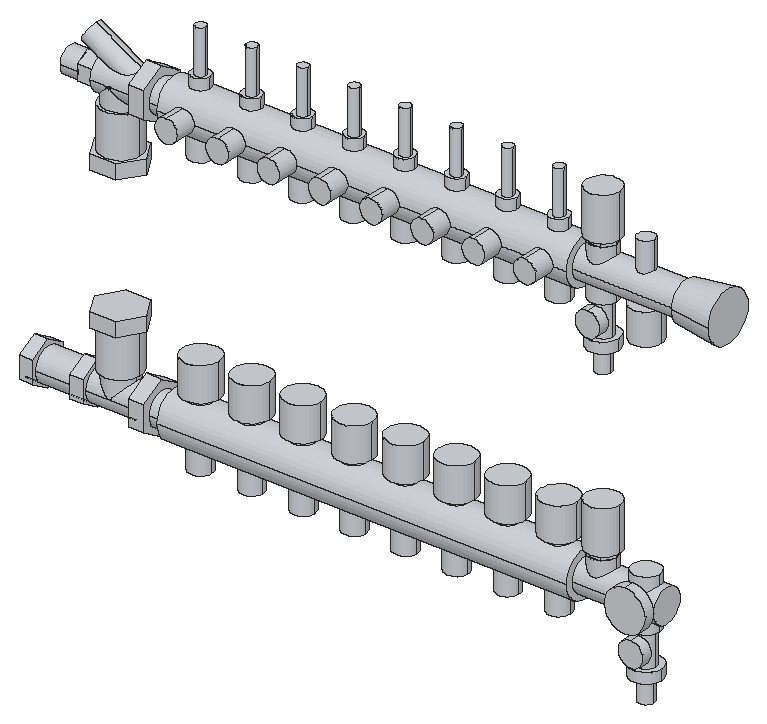
Revit family "318_1dab38ccfa9a4ba2b3cf6a35155c08", category Pipe Accessories, Revit 2017
Family settings
  Round Connector Dimension = Use Diameter
  Part Type = Valve - Normal
  Work Plane-Based = No
  Always vertical = Yes
  Cut with Voids When Loaded = No
  Shared = No
Parameters (values of type "R557FY008")
  magi_piping_qv_2_8 [instance] = 0.0 L/s
  magi_piping_qv_2_7 [instance] = 0.0 L/s
  magi_piping_qv_2_6 [instance] = 0.0 L/s
  magi_piping_qv_2_5 [instance] = 0.0 L/s
  magi_piping_qv_2_4 [instance] = 0.0 L/s
  magi_piping_qv_2_3 [instance] = 0.0 L/s
  magi_piping_qv_2_2 [instance] = 0.0 L/s
  magi_piping_qv_2_1 [instance] = 0.0 L/s
  magi_piping_qv_1_8 [instance] = 0.0 L/s
  magi_piping_qv_1_7 [instance] = 0.0 L/s
  magi_piping_qv_1_6 [instance] = 0.0 L/s
  magi_piping_qv_1_5 [instance] = 0.0 L/s
  magi_piping_qv_1_4 [instance] = 0.0 L/s
  magi_piping_qv_1_3 [instance] = 0.0 L/s
  magi_piping_qv_1_2 [instance] = 0.0 L/s
  magi_piping_qv_1_1 [instance] = 0.0 L/s
  magi_piping_qv [instance] = 0.0 L/s
  magi_piping_power_8 [instance] = 0 W
  magi_piping_power_7 [instance] = 0 W
  magi_piping_power_6 [instance] = 0 W
  magi_piping_power_5 [instance] = 0 W
  magi_piping_power_4 [instance] = 0 W
  magi_piping_power_3 [instance] = 0 W
  magi_piping_power_2 [instance] = 0 W
  magi_piping_power_1 [instance] = 0 W
  magi_piping_kv_8 [instance] = 0
  magi_piping_kv_7 [instance] = 0
  magi_piping_kv_6 [instance] = 0
  magi_piping_kv_5 [instance] = 0
  magi_piping_kv_4 [instance] = 0
  magi_piping_kv_3 [instance] = 0
  magi_piping_kv_2 [instance] = 0
  magi_piping_kv_1 [instance] = 0
  magi_piping_dpTot_8 [instance] = 0.0 Pa
  magi_piping_dpTot_7 [instance] = 0.0 Pa
  magi_piping_dpTot_6 [instance] = 0.0 Pa
  magi_piping_dpTot_5 [instance] = 0.0 Pa
  magi_piping_dpTot_4 [instance] = 0.0 Pa
  magi_piping_dpTot_3 [instance] = 0.0 Pa
  magi_piping_dpTot_2 [instance] = 0.0 Pa
  magi_piping_dpTot_1 [instance] = 0.0 Pa
  magi_adjustmentValue_8 [instance] = ""
  magi_adjustmentValue_7 [instance] = ""
  magi_adjustmentValue_6 [instance] = ""
  magi_adjustmentValue_5 [instance] = ""
  magi_adjustmentValue_4 [instance] = ""
  magi_adjustmentValue_3 [instance] = ""
  magi_adjustmentValue_2 [instance] = ""
  magi_adjustmentValue_1 [instance] = ""
  magiProductId = "1dab38ccfa9a4ba2b3cf6a35155c08"
  magiProductFamilyId = "1dab38ccfa9a4ba2b3cf6a35155c08"
  magiProductCode = "R557FY008"
  magiPartTypeId = 318
  X1 = 127 mm
  VersionID = "2.0/2016.10.37.0/GIACOMINI_R557FY_001"
  VL2__ve = -VL2  # -137 mm
  VL2 = 137 mm
  VL1 = 102 mm
  URL = "http://www.giacomini.com/en"
  SMP = 25 mm
  SBP9 = 18 mm
  SBP8 = 18 mm
  SBP7 = 18 mm
  SBP6 = 18 mm
  SBP5 = 18 mm
  SBP4 = 18 mm
  SBP3 = 18 mm
  SBP2 = 18 mm
  SBP12 = 18 mm
  SBP11 = 18 mm
  SBP10 = 18 mm
  SBP1 = 18 mm
  RMP = 25 mm
  RBP9 = 18 mm
  RBP8 = 18 mm
  RBP7 = 18 mm
  RBP6 = 18 mm
  RBP5 = 18 mm
  RBP4 = 18 mm
  RBP3 = 18 mm
  RBP2 = 18 mm
  RBP12 = 18 mm
  RBP11 = 18 mm
  RBP10 = 18 mm
  RBP1 = 18 mm
  R2 = 22 mm
  QmdConnectorList = "321;SMP;322;SBP1;323;SBP2;324;SBP3;325;SBP4;326;SBP5;327;SBP6;328;SBP7;329;SBP8;351;RMP;352;RBP1;353;RBP2;354;RBP3;355;RBP4;356;RBP5;357;RBP6;358;RBP7;359;RBP8"
  Productdata [instance] = "© Progman Oy, all rights reserved"
  N9 = no
  N8 = yes
  N7 = yes
  N6 = yes
  N5 = yes
  N4 = yes
  N3 = yes
  N12 = no
  N11 = no
  N10 = no
  Manufacturer = "Giacomini"
  MC_Default_elevation = 0 mm
  L = 400 mm
  I = 50 mm
  H5 = 33 mm
  H4 = 5 mm
  H3__ve = -H3  # -40 mm
  H3 = 40 mm
  H2__ve = -H2  # -20 mm
  H2 = 20 mm
  H12 = 42 mm
  H11 = 10 mm
  Flow supply main [instance] = Flow supply 1 + Flow supply 2 + Flow supply 3 + Flow supply 4 + Flow supply 5 + Flow supply 6 + Flow supply 7 + Flow supply 8  # 0.0 L/s
  Flow supply 8 [instance] = 0.0 L/s
  Flow supply 7 [instance] = 0.0 L/s
  Flow supply 6 [instance] = 0.0 L/s
  Flow supply 5 [instance] = 0.0 L/s
  Flow supply 4 [instance] = 0.0 L/s
  Flow supply 3 [instance] = 0.0 L/s
  Flow supply 2 [instance] = 0.0 L/s
  Flow supply 1 [instance] = 0.0 L/s
  Flow return main [instance] = Flow return 1 + Flow return 2 + Flow return 3 + Flow return 4 + Flow return 5 + Flow return 6 + Flow return 7 + Flow return 8  # 0.0 L/s
  Flow return 8 [instance] = 0.0 L/s
  Flow return 7 [instance] = 0.0 L/s
  Flow return 6 [instance] = 0.0 L/s
  Flow return 5 [instance] = 0.0 L/s
  Flow return 4 [instance] = 0.0 L/s
  Flow return 3 [instance] = 0.0 L/s
  Flow return 2 [instance] = 0.0 L/s
  Flow return 1 [instance] = 0.0 L/s
  E = 274 mm
  Description = "PREASSEMBLED MANIFOLD WITH FLOW METERS"
  D4 = 22 mm
  D32 = 10 mm
  D31 = 18 mm
  D2 = 44 mm
  CAT0 = yes
Reference planes
  plane 1 "Center (Front/Back)": y = 0
  plane 2 "XYPLANE": z = 0
  plane 3 "Center (Left/Right)": x = 0
  plane 4 "INIT_TEMP": y = 100
  plane 5 "386": y = -16
  plane 6 "385": z = -41
  plane 7 "384": z = -67
  plane 8 "383": z = -57
  plane 9 "382": y = -9
  plane 10 "381": z = -315
  plane 11 "380": z = -341
  plane 12 "379": z = -331
  plane 13 "378": z = -213
  plane 14 "377": z = -253
  plane 15 "376": z = -61
  plane 16 "375": z = -21
  plane 17 "374": x = 49
  plane 18 "373": x = 77
  plane 19 "372": x = 17
  plane 20 "371": x = 32
  plane 21 "370": x = -35
  plane 22 "369": x = 27
  plane 23 "368": x = 89
  plane 24 "367": x = -35
  plane 25 "366": x = 102
  plane 26 "365": z = -314
  plane 27 "364": z = -247
  plane 28 "363": z = -252
  plane 29 "362": z = -40
  plane 30 "361": x = 0
  plane 31 "360": y = 0
  plane 32 "359": z = -274
  plane 33 "358": z = 0
  plane 34 "357": z = 22
  plane 35 "356": x = 127
  plane 36 "355": x = 177
  plane 37 "354": y = -22
  plane 38 "353": x = 227
  plane 39 "352": z = 32
  plane 40 "351": x = 277
  plane 41 "350": x = 327
  plane 42 "349": x = 377
  plane 43 "348": x = 427
  plane 44 "347": x = 477
  plane 45 "346": x = 527
  plane 46 "345": x = 577
  plane 47 "344": x = 627
  plane 48 "343": x = 677
  plane 49 "342": x = 502
  plane 50 "341": x = 602
  plane 51 "340": x = 642
  plane 52 "339": x = 520
  plane 53 "338": z = -25
  plane 54 "337": z = 25
  plane 55 "336": z = 30
  plane 56 "335": z = -249
  plane 57 "334": z = -244
  plane 58 "333": z = -16
  plane 59 "332": x = 562
  plane 60 "331": z = -299
  plane 61 "1099": through (77, -750, 0) normal (0.866, 0, -0.5)
Forms (mm)
  Extrusion 1, solid
    sketch origin (750, -16, 0) x (-1, 0, 0) y (0, 0, 1)
      loop
        circle (188, -274) r 20
    from 0 to -10
  Extrusion 2, solid
    sketch origin (-750, 0, -67) x (1, 0, 0) y (0, 1, 0)
      loop
        circle (1270, 0) r 7.5
    from 0 to -22
  Extrusion 3, solid
    sketch origin (750, -9, 0) x (-1, 0, 0) y (0, 0, 1)
      loop
        circle (230, -41) r 12
    from 0 to -10
  Extrusion 4, solid
    sketch origin (750, -9, 0) x (-1, 0, 0) y (0, 0, 1)
      loop
        circle (188, -315) r 12
    from 0 to -10
  Extrusion 5, solid
    sketch origin (-750, 0, -341) x (1, 0, 0) y (0, 1, 0)
      loop
        circle (1312, 0) r 7.5
    from 0 to -22
  Extrusion 6, solid
    sketch origin (-750, 0, -57) x (1, 0, 0) y (0, 1, 0)
      loop
        circle (1270, 0) r 15
    from 0 to -10
  Extrusion 7, solid
    sketch origin (-750, 0, -331) x (1, 0, 0) y (0, 1, 0)
      loop
        circle (1312, 0) r 15
    from 0 to -10
  Extrusion 8, solid
    sketch origin (-750, 0, -299) x (1, 0, 0) y (0, 1, 0)
      loop
        circle (1312, 0) r 9
    from 0 to -32
  Extrusion 9, solid
    sketch origin (-750, 0, -253) x (1, 0, 0) y (0, 1, 0)
      loop
        circle (799, 0) r 19
    from 0 to 40
  Extrusion 10, solid
    sketch origin (-750, 0, -274) x (1, 0, 0) y (0, 1, 0)
      loop
        circle (799, 0) r 16
    from 0 to 21
  Extrusion 11, solid
    sketch origin (-750, 0, -213) x (1, 0, 0) y (0, 1, 0)
      loop
        line (824, 0) -> (811.5, 21.651) -> (786.5, 21.651) -> (774, 0) -> (786.5, -21.651) -> (811.5, -21.651) -> (824, 0)
    from 0 to 14
  Extrusion 12, solid
    sketch origin (-750, 0, -61) x (1, 0, 0) y (0, 1, 0)
      loop
        line (774, 0) -> (786.5, -21.651) -> (811.5, -21.651) -> (824, 0) -> (811.5, 21.651) -> (786.5, 21.651) -> (774, 0)
    from 0 to -14
  Extrusion 13, solid
    sketch origin (-750, 0, 0) x (1, 0, 0) y (0, 1, 0)
      loop
        circle (799, 0) r 16
    from 0 to -21
  Extrusion 14, solid
    sketch origin (-750, 0, -21) x (1, 0, 0) y (0, 1, 0)
      loop
        circle (799, 0) r 19
    from 0 to -40
  Extrusion 15, solid
    sketch origin (77, -750, 0) x (0, 1, 0) y (0.5, 0, 0.866025)
      loop
        circle (750, 0) r 10.5
    from 0 to -65
  Extrusion 16, solid, visible <- "CAT0"
    sketch origin (17, -750, 0) x (0, 1, 0) y (0, 0, 1)
      loop
        circle (750, 0) r 12.5
    from 0 to -17
  Extrusion 17, solid
    sketch origin (32, -750, 0) x (0, 1, 0) y (0, 0, 1)
      loop
        line (750, 15) -> (737.01, 7.5) -> (737.01, -7.5) -> (750, -15) -> (762.99, -7.5) -> (762.99, 7.5) -> (750, 15)
    from 0 to -15
  Extrusion 18, solid
    sketch origin (-35, -750, 0) x (0, 1, 0) y (0, 0, 1)
      loop
        line (750, -253) -> (731.813, -263.5) -> (731.813, -284.5) -> (750, -295) -> (768.187, -284.5) -> (768.187, -263.5) -> (750, -253)
    from 0 to 13
  Extrusion 19, solid
    sketch origin (27, -750, 0) x (0, 1, 0) y (0, 0, 1)
      loop
        line (750, -253) -> (731.813, -263.5) -> (731.813, -284.5) -> (750, -295) -> (768.187, -284.5) -> (768.187, -263.5) -> (750, -253)
    from 0 to -13
  Extrusion 20, solid
    sketch origin (102, -750, 0) x (0, 1, 0) y (0, 0, 1)
      loop
        circle (750, 0) r 16
    from 0 to -70
  Extrusion 21, solid
    sketch origin (89, -750, 0) x (0, 1, 0) y (0, 0, 1)
      loop
        line (750, 25) -> (728.349, 12.5) -> (728.349, -12.5) -> (750, -25) -> (771.651, -12.5) -> (771.651, 12.5) -> (750, 25)
    from 0 to -15
  Extrusion 22, solid
    sketch origin (89, -750, 0) x (0, 1, 0) y (0, 0, 1)
      loop
        line (750, -249) -> (728.349, -261.5) -> (728.349, -286.5) -> (750, -299) -> (771.651, -286.5) -> (771.651, -261.5) -> (750, -249)
    from 0 to -15
  Extrusion 23, solid
    sketch origin (102, -750, 0) x (0, 1, 0) y (0, 0, 1)
      loop
        circle (750, -274) r 16
    from 0 to -137 <- "VL2__ve"
  Extrusion 24, solid, visible <- "N10"
    sketch origin (-750, 0, -274) x (1, 0, 0) y (0, 1, 0)
      loop
        circle (1327, 0) r 11
    from 0 to -40 <- "H3__ve"
  Extrusion 25, solid, visible <- "N10"
    sketch origin (-750, 0, -252) x (1, 0, 0) y (0, 1, 0)
      loop
        circle (1327, 0) r 11
    from 0 to 5 <- "H4"
  Extrusion 26, solid, visible <- "N10"
    sketch origin (-750, 0, -247) x (1, 0, 0) y (0, 1, 0)
      loop
        circle (1327, 0) r 17.5
    from 0 to 33 <- "H5"
  Extrusion 27, solid, visible <- "N12"
    sketch origin (-750, 0, -247) x (1, 0, 0) y (0, 1, 0)
      loop
        circle (1427, 0) r 17.5
    from 0 to 33 <- "H5"
  Extrusion 28, solid, visible <- "N12"
    sketch origin (-750, 0, -252) x (1, 0, 0) y (0, 1, 0)
      loop
        circle (1427, 0) r 11
    from 0 to 5 <- "H4"
  Extrusion 29, solid, visible <- "N12"
    sketch origin (-750, 0, -274) x (1, 0, 0) y (0, 1, 0)
      loop
        circle (1427, 0) r 11
    from 0 to -40 <- "H3__ve"
  Extrusion 30, solid, visible <- "N11"
    sketch origin (-750, 0, -274) x (1, 0, 0) y (0, 1, 0)
      loop
        circle (1377, 0) r 11
    from 0 to -40 <- "H3__ve"
  Extrusion 31, solid, visible <- "N11"
    sketch origin (-750, 0, -252) x (1, 0, 0) y (0, 1, 0)
      loop
        circle (1377, 0) r 11
    from 0 to 5 <- "H4"
  Extrusion 32, solid, visible <- "N11"
    sketch origin (-750, 0, -247) x (1, 0, 0) y (0, 1, 0)
      loop
        circle (1377, 0) r 17.5
    from 0 to 33 <- "H5"
  Extrusion 33, solid, visible <- "N8"
    sketch origin (-750, 0, -247) x (1, 0, 0) y (0, 1, 0)
      loop
        circle (1227, 0) r 17.5
    from 0 to 33 <- "H5"
  Extrusion 34, solid, visible <- "N8"
    sketch origin (-750, 0, -252) x (1, 0, 0) y (0, 1, 0)
      loop
        circle (1227, 0) r 11
    from 0 to 5 <- "H4"
  Extrusion 35, solid, visible <- "N8"
    sketch origin (-750, 0, -274) x (1, 0, 0) y (0, 1, 0)
      loop
        circle (1227, 0) r 11
    from 0 to -40 <- "H3__ve"
  Extrusion 36, solid, visible <- "N9"
    sketch origin (-750, 0, -274) x (1, 0, 0) y (0, 1, 0)
      loop
        circle (1277, 0) r 11
    from 0 to -40 <- "H3__ve"
  Extrusion 37, solid, visible <- "N9"
    sketch origin (-750, 0, -252) x (1, 0, 0) y (0, 1, 0)
      loop
        circle (1277, 0) r 11
    from 0 to 5 <- "H4"
  Extrusion 38, solid, visible <- "N9"
    sketch origin (-750, 0, -247) x (1, 0, 0) y (0, 1, 0)
      loop
        circle (1277, 0) r 17.5
    from 0 to 33 <- "H5"
  Extrusion 39, solid, visible <- "N7"
    sketch origin (-750, 0, -247) x (1, 0, 0) y (0, 1, 0)
      loop
        circle (1177, 0) r 17.5
    from 0 to 33 <- "H5"
  Extrusion 40, solid, visible <- "N7"
    sketch origin (-750, 0, -252) x (1, 0, 0) y (0, 1, 0)
      loop
        circle (1177, 0) r 11
    from 0 to 5 <- "H4"
  Extrusion 41, solid, visible <- "N7"
    sketch origin (-750, 0, -274) x (1, 0, 0) y (0, 1, 0)
      loop
        circle (1177, 0) r 11
    from 0 to -40 <- "H3__ve"
  Extrusion 42, solid, visible <- "N6"
    sketch origin (-750, 0, -274) x (1, 0, 0) y (0, 1, 0)
      loop
        circle (1127, 0) r 11
    from 0 to -40 <- "H3__ve"
  Extrusion 43, solid, visible <- "N6"
    sketch origin (-750, 0, -252) x (1, 0, 0) y (0, 1, 0)
      loop
        circle (1127, 0) r 11
    from 0 to 5 <- "H4"
  Extrusion 44, solid, visible <- "N6"
    sketch origin (-750, 0, -247) x (1, 0, 0) y (0, 1, 0)
      loop
        circle (1127, 0) r 17.5
    from 0 to 33 <- "H5"
  Extrusion 45, solid, visible <- "N5"
    sketch origin (-750, 0, -247) x (1, 0, 0) y (0, 1, 0)
      loop
        circle (1077, 0) r 17.5
    from 0 to 33 <- "H5"
  Extrusion 46, solid, visible <- "N5"
    sketch origin (-750, 0, -252) x (1, 0, 0) y (0, 1, 0)
      loop
        circle (1077, 0) r 11
    from 0 to 5 <- "H4"
  Extrusion 47, solid, visible <- "N5"
    sketch origin (-750, 0, -274) x (1, 0, 0) y (0, 1, 0)
      loop
        circle (1077, 0) r 11
    from 0 to -40 <- "H3__ve"
  Extrusion 48, solid, visible <- "N4"
    sketch origin (-750, 0, -274) x (1, 0, 0) y (0, 1, 0)
      loop
        circle (1027, 0) r 11
    from 0 to -40 <- "H3__ve"
  Extrusion 49, solid, visible <- "N4"
    sketch origin (-750, 0, -252) x (1, 0, 0) y (0, 1, 0)
      loop
        circle (1027, 0) r 11
    from 0 to 5 <- "H4"
  Extrusion 50, solid, visible <- "N4"
    sketch origin (-750, 0, -247) x (1, 0, 0) y (0, 1, 0)
      loop
        circle (1027, 0) r 17.5
    from 0 to 33 <- "H5"
  Extrusion 51, solid, visible <- "N3"
    sketch origin (-750, 0, -247) x (1, 0, 0) y (0, 1, 0)
      loop
        circle (977, 0) r 17.5
    from 0 to 33 <- "H5"
  Extrusion 52, solid, visible <- "N3"
    sketch origin (-750, 0, -252) x (1, 0, 0) y (0, 1, 0)
      loop
        circle (977, 0) r 11
    from 0 to 5 <- "H4"
  Extrusion 53, solid
    sketch origin (-750, 0, -252) x (1, 0, 0) y (0, 1, 0)
      loop
        circle (927, 0) r 11
    from 0 to 5 <- "H4"
  Extrusion 54, solid
    sketch origin (-750, 0, -247) x (1, 0, 0) y (0, 1, 0)
      loop
        circle (927, 0) r 17.5
    from 0 to 33 <- "H5"
  Extrusion 55, solid
    sketch origin (-750, 0, -247) x (1, 0, 0) y (0, 1, 0)
      loop
        circle (877, 0) r 17.5
    from 0 to 33 <- "H5"
  Extrusion 56, solid
    sketch origin (-750, 0, -252) x (1, 0, 0) y (0, 1, 0)
      loop
        circle (877, 0) r 11
    from 0 to 5 <- "H4"
  Extrusion 57, solid, visible <- "N3"
    sketch origin (-750, 0, -274) x (1, 0, 0) y (0, 1, 0)
      loop
        circle (977, 0) r 11
    from 0 to -40 <- "H3__ve"
  Extrusion 58, solid
    sketch origin (-750, 0, -274) x (1, 0, 0) y (0, 1, 0)
      loop
        circle (877, 0) r 11
    from 0 to -40 <- "H3__ve"
  Extrusion 59, solid
    sketch origin (-750, 0, -274) x (1, 0, 0) y (0, 1, 0)
      loop
        circle (927, 0) r 11
    from 0 to -40 <- "H3__ve"
  Extrusion 60, solid
    sketch origin (102, -750, 0) x (0, 1, 0) y (0, 0, 1)
      loop
        circle (750, -274) r 22
    from 0 to 400 <- "L"
  Extrusion 61, solid, visible <- "N8"
    sketch origin (-750, 0, 0) x (1, 0, 0) y (0, 1, 0)
      loop
        circle (1227, 0) r 11
    from 0 to -40 <- "H3__ve"
  Extrusion 62, solid, visible <- "N9"
    sketch origin (-750, 0, 0) x (1, 0, 0) y (0, 1, 0)
      loop
        circle (1277, 0) r 11
    from 0 to -40 <- "H3__ve"
  Extrusion 63, solid, visible <- "N10"
    sketch origin (-750, 0, 0) x (1, 0, 0) y (0, 1, 0)
      loop
        circle (1327, 0) r 11
    from 0 to -40 <- "H3__ve"
  Extrusion 64, solid, visible <- "N11"
    sketch origin (-750, 0, 0) x (1, 0, 0) y (0, 1, 0)
      loop
        circle (1377, 0) r 11
    from 0 to -40 <- "H3__ve"
  Extrusion 65, solid, visible <- "N12"
    sketch origin (-750, 0, 0) x (1, 0, 0) y (0, 1, 0)
      loop
        circle (1427, 0) r 11
    from 0 to -40 <- "H3__ve"
  Extrusion 66, solid, visible <- "N7"
    sketch origin (-750, 0, 0) x (1, 0, 0) y (0, 1, 0)
      loop
        circle (1177, 0) r 11
    from 0 to -40 <- "H3__ve"
  Extrusion 67, solid, visible <- "N6"
    sketch origin (-750, 0, 0) x (1, 0, 0) y (0, 1, 0)
      loop
        circle (1127, 0) r 11
    from 0 to -40 <- "H3__ve"
  Extrusion 68, solid, visible <- "N5"
    sketch origin (-750, 0, 0) x (1, 0, 0) y (0, 1, 0)
      loop
        circle (1077, 0) r 11
    from 0 to -40 <- "H3__ve"
  Extrusion 69, solid, visible <- "N4"
    sketch origin (-750, 0, 0) x (1, 0, 0) y (0, 1, 0)
      loop
        circle (1027, 0) r 11
    from 0 to -40 <- "H3__ve"
  Extrusion 70, solid, visible <- "N3"
    sketch origin (-750, 0, 0) x (1, 0, 0) y (0, 1, 0)
      loop
        circle (977, 0) r 11
    from 0 to -40 <- "H3__ve"
  Extrusion 71, solid
    sketch origin (-750, 0, 0) x (1, 0, 0) y (0, 1, 0)
      loop
        circle (927, 0) r 11
    from 0 to -40 <- "H3__ve"
  Extrusion 72, solid
    sketch origin (-750, 0, 0) x (1, 0, 0) y (0, 1, 0)
      loop
        circle (877, 0) r 11
    from 0 to -40 <- "H3__ve"
  Extrusion 73, solid
    sketch origin (102, -750, 0) x (0, 1, 0) y (0, 0, 1)
      loop
        circle (750, 0) r 22
    from 0 to 400 <- "L"
  Extrusion 74, solid
    sketch origin (-750, 0, 22) x (1, 0, 0) y (0, 1, 0)
      loop
        circle (877, 0) r 9
    from 0 to 10 <- "H11"
  Extrusion 75, solid
    sketch origin (750, -22, 0) x (-1, 0, 0) y (0, 0, 1)
      loop
        circle (623, 0) r 11
    from 0 to -20 <- "H2__ve"
  Extrusion 76, solid
    sketch origin (750, -22, 0) x (-1, 0, 0) y (0, 0, 1)
      loop
        circle (573, 0) r 11
    from 0 to -20 <- "H2__ve"
  Extrusion 77, solid, visible <- "N3"
    sketch origin (750, -22, 0) x (-1, 0, 0) y (0, 0, 1)
      loop
        circle (523, 0) r 11
    from 0 to -20 <- "H2__ve"
  Extrusion 78, solid
    sketch origin (-750, 0, 32) x (1, 0, 0) y (0, 1, 0)
      loop
        circle (877, 0) r 5
    from 0 to 42 <- "H12"
  Extrusion 79, solid
    sketch origin (-750, 0, 32) x (1, 0, 0) y (0, 1, 0)
      loop
        circle (927, 0) r 5
    from 0 to 42 <- "H12"
  Extrusion 80, solid
    sketch origin (-750, 0, 22) x (1, 0, 0) y (0, 1, 0)
      loop
        circle (927, 0) r 9
    from 0 to 10 <- "H11"
  Extrusion 81, solid, visible <- "N3"
    sketch origin (-750, 0, 22) x (1, 0, 0) y (0, 1, 0)
      loop
        circle (977, 0) r 9
    from 0 to 10 <- "H11"
  Extrusion 82, solid, visible <- "N3"
    sketch origin (-750, 0, 32) x (1, 0, 0) y (0, 1, 0)
      loop
        circle (977, 0) r 5
    from 0 to 42 <- "H12"
  Extrusion 83, solid, visible <- "N4"
    sketch origin (-750, 0, 32) x (1, 0, 0) y (0, 1, 0)
      loop
        circle (1027, 0) r 5
    from 0 to 42 <- "H12"
  Extrusion 84, solid, visible <- "N4"
    sketch origin (-750, 0, 22) x (1, 0, 0) y (0, 1, 0)
      loop
        circle (1027, 0) r 9
    from 0 to 10 <- "H11"
  Extrusion 85, solid, visible <- "N4"
    sketch origin (750, -22, 0) x (-1, 0, 0) y (0, 0, 1)
      loop
        circle (473, 0) r 11
    from 0 to -20 <- "H2__ve"
  Extrusion 86, solid, visible <- "N5"
    sketch origin (750, -22, 0) x (-1, 0, 0) y (0, 0, 1)
      loop
        circle (423, 0) r 11
    from 0 to -20 <- "H2__ve"
  Extrusion 87, solid, visible <- "N5"
    sketch origin (-750, 0, 22) x (1, 0, 0) y (0, 1, 0)
      loop
        circle (1077, 0) r 9
    from 0 to 10 <- "H11"
  Extrusion 88, solid, visible <- "N5"
    sketch origin (-750, 0, 32) x (1, 0, 0) y (0, 1, 0)
      loop
        circle (1077, 0) r 5
    from 0 to 42 <- "H12"
  Extrusion 89, solid, visible <- "N6"
    sketch origin (-750, 0, 32) x (1, 0, 0) y (0, 1, 0)
      loop
        circle (1127, 0) r 5
    from 0 to 42 <- "H12"
  Extrusion 90, solid, visible <- "N6"
    sketch origin (-750, 0, 22) x (1, 0, 0) y (0, 1, 0)
      loop
        circle (1127, 0) r 9
    from 0 to 10 <- "H11"
  Extrusion 91, solid, visible <- "N6"
    sketch origin (750, -22, 0) x (-1, 0, 0) y (0, 0, 1)
      loop
        circle (373, 0) r 11
    from 0 to -20 <- "H2__ve"
  Extrusion 92, solid, visible <- "N7"
    sketch origin (750, -22, 0) x (-1, 0, 0) y (0, 0, 1)
      loop
        circle (323, 0) r 11
    from 0 to -20 <- "H2__ve"
  Extrusion 93, solid, visible <- "N7"
    sketch origin (-750, 0, 22) x (1, 0, 0) y (0, 1, 0)
      loop
        circle (1177, 0) r 9
    from 0 to 10 <- "H11"
  Extrusion 94, solid, visible <- "N7"
    sketch origin (-750, 0, 32) x (1, 0, 0) y (0, 1, 0)
      loop
        circle (1177, 0) r 5
    from 0 to 42 <- "H12"
  Extrusion 95, solid, visible <- "N8"
    sketch origin (-750, 0, 32) x (1, 0, 0) y (0, 1, 0)
      loop
        circle (1227, 0) r 5
    from 0 to 42 <- "H12"
  Extrusion 96, solid, visible <- "N8"
    sketch origin (-750, 0, 22) x (1, 0, 0) y (0, 1, 0)
      loop
        circle (1227, 0) r 9
    from 0 to 10 <- "H11"
  Extrusion 97, solid, visible <- "N8"
    sketch origin (750, -22, 0) x (-1, 0, 0) y (0, 0, 1)
      loop
        circle (273, 0) r 11
    from 0 to -20 <- "H2__ve"
  Extrusion 98, solid, visible <- "N10"
    sketch origin (750, -22, 0) x (-1, 0, 0) y (0, 0, 1)
      loop
        circle (173, 0) r 11
    from 0 to -20 <- "H2__ve"
  Extrusion 99, solid, visible <- "N10"
    sketch origin (-750, 0, 22) x (1, 0, 0) y (0, 1, 0)
      loop
        circle (1327, 0) r 9
    from 0 to 10 <- "H11"
  Extrusion 100, solid, visible <- "N10"
    sketch origin (-750, 0, 32) x (1, 0, 0) y (0, 1, 0)
      loop
        circle (1327, 0) r 5
    from 0 to 42 <- "H12"
  Extrusion 101, solid, visible <- "N9"
    sketch origin (-750, 0, 32) x (1, 0, 0) y (0, 1, 0)
      loop
        circle (1277, 0) r 5
    from 0 to 42 <- "H12"
  Extrusion 102, solid, visible <- "N9"
    sketch origin (-750, 0, 22) x (1, 0, 0) y (0, 1, 0)
      loop
        circle (1277, 0) r 9
    from 0 to 10 <- "H11"
  Extrusion 103, solid, visible <- "N9"
    sketch origin (750, -22, 0) x (-1, 0, 0) y (0, 0, 1)
      loop
        circle (223, 0) r 11
    from 0 to -20 <- "H2__ve"
  Extrusion 104, solid, visible <- "N11"
    sketch origin (-750, 0, 32) x (1, 0, 0) y (0, 1, 0)
      loop
        circle (1377, 0) r 5
    from 0 to 42 <- "H12"
  Extrusion 105, solid, visible <- "N11"
    sketch origin (-750, 0, 22) x (1, 0, 0) y (0, 1, 0)
      loop
        circle (1377, 0) r 9
    from 0 to 10 <- "H11"
  Extrusion 106, solid, visible <- "N11"
    sketch origin (750, -22, 0) x (-1, 0, 0) y (0, 0, 1)
      loop
        circle (123, 0) r 11
    from 0 to -20 <- "H2__ve"
  Extrusion 107, solid, visible <- "N12"
    sketch origin (750, -22, 0) x (-1, 0, 0) y (0, 0, 1)
      loop
        circle (73, 0) r 11
    from 0 to -20 <- "H2__ve"
  Extrusion 108, solid, visible <- "N12"
    sketch origin (-750, 0, 22) x (1, 0, 0) y (0, 1, 0)
      loop
        circle (1427, 0) r 9
    from 0 to 10 <- "H11"
  Extrusion 109, solid, visible <- "N12"
    sketch origin (-750, 0, 32) x (1, 0, 0) y (0, 1, 0)
      loop
        circle (1427, 0) r 5
    from 0 to 42 <- "H12"
  Extrusion 110, solid
    sketch origin (502, -750, 0) x (0, 1, 0) y (0, 0, 1)
      loop
        circle (750, 0) r 16
    from 0 to 100
  Blend 111, solid
    base sketch origin (602, -750, 0) x (0, 1, 0) y (0, 0, 1)
      loop
        circle (750, 0) r 19
    top sketch origin (602, -750, 0) x (0, 1, 0) y (0, 0, 1)
      loop
        circle (750, 0) r 24
    from 0 to 40
  Extrusion 112, solid
    sketch origin (-750, 0, -25) x (1, 0, 0) y (0, 1, 0)
      loop
        circle (1270, 0) r 13
    from 0 to 50
  Extrusion 113, solid
    sketch origin (-750, 0, 25) x (1, 0, 0) y (0, 1, 0)
      loop
        line (1283, 0) -> (1276.5, 11.258) -> (1263.5, 11.258) -> (1257, 0) -> (1263.5, -11.258) -> (1276.5, -11.258) -> (1283, 0)
    from 0 to 5
  Extrusion 114, solid
    sketch origin (-750, 0, 30) x (1, 0, 0) y (0, 1, 0)
      loop
        circle (1270, 0) r 16
    from 0 to 42
  Extrusion 115, solid
    sketch origin (502, -750, 0) x (0, 1, 0) y (0, 0, 1)
      loop
        circle (750, -274) r 16
    from 0 to 80
  Extrusion 116, solid
    sketch origin (-750, 0, -274) x (1, 0, 0) y (0, 1, 0)
      loop
        circle (1270, 0) r 13
    from 0 to 25
  Extrusion 117, solid
    sketch origin (-750, 0, -244) x (1, 0, 0) y (0, 1, 0)
      loop
        circle (1270, 0) r 16
    from 0 to 42
  Extrusion 118, solid
    sketch origin (-750, 0, -249) x (1, 0, 0) y (0, 1, 0)
      loop
        line (1283, 0) -> (1276.5, 11.258) -> (1263.5, 11.258) -> (1257, 0) -> (1263.5, -11.258) -> (1276.5, -11.258) -> (1283, 0)
    from 0 to 5
  Extrusion 119, solid, visible <- "CAT0"
    sketch origin (-750, 0, -16) x (1, 0, 0) y (0, 1, 0)
      loop
        circle (1312, 0) r 15
    from 0 to -30
  Extrusion 120, solid, visible <- "CAT0"
    sketch origin (-750, 0, 0) x (1, 0, 0) y (0, 1, 0)
      loop
        circle (1312, 0) r 8
    from 0 to 42
  Extrusion 121, solid
    sketch origin (-750, 0, -25) x (1, 0, 0) y (0, 1, 0)
      loop
        circle (1270, 0) r 9
    from 0 to -32
  Extrusion 122, solid
    sketch origin (-750, 0, -299) x (1, 0, 0) y (0, 1, 0)
      loop
        circle (1312, 0) r 13
    from 0 to 50
  Extrusion 123, solid, not visible
    sketch origin (-750, 0, -314) x (1, 0, 0) y (0, 1, 0)
      loop
        circle (1227, 0) r 10
    from 0 to 10
  Extrusion 124, solid, not visible
    sketch origin (-750, 0, -314) x (1, 0, 0) y (0, 1, 0)
      loop
        circle (1177, 0) r 10
    from 0 to 10
  Extrusion 125, solid, not visible
    sketch origin (-750, 0, -314) x (1, 0, 0) y (0, 1, 0)
      loop
        circle (1127, 0) r 10
    from 0 to 10
  Extrusion 126, solid, not visible
    sketch origin (-750, 0, -314) x (1, 0, 0) y (0, 1, 0)
      loop
        circle (1077, 0) r 10
    from 0 to 10
  Extrusion 127, solid, not visible
    sketch origin (-750, 0, -314) x (1, 0, 0) y (0, 1, 0)
      loop
        circle (1027, 0) r 10
    from 0 to 10
  Extrusion 128, solid, not visible
    sketch origin (-750, 0, -314) x (1, 0, 0) y (0, 1, 0)
      loop
        circle (927, 0) r 10
    from 0 to 10
  Extrusion 129, solid, not visible
    sketch origin (-750, 0, -314) x (1, 0, 0) y (0, 1, 0)
      loop
        circle (877, 0) r 10
    from 0 to 10
  Extrusion 130, solid, not visible
    sketch origin (-750, 0, -314) x (1, 0, 0) y (0, 1, 0)
      loop
        circle (977, 0) r 10
    from 0 to 10
  Extrusion 131, solid, not visible
    sketch origin (-750, 0, -40) x (1, 0, 0) y (0, 1, 0)
      loop
        circle (1227, 0) r 10
    from 0 to 10
  Extrusion 132, solid, not visible
    sketch origin (-750, 0, -40) x (1, 0, 0) y (0, 1, 0)
      loop
        circle (1177, 0) r 10
    from 0 to 10
  Extrusion 133, solid, not visible
    sketch origin (-750, 0, -40) x (1, 0, 0) y (0, 1, 0)
      loop
        circle (1127, 0) r 10
    from 0 to 10
  Extrusion 134, solid, not visible
    sketch origin (-750, 0, -40) x (1, 0, 0) y (0, 1, 0)
      loop
        circle (1077, 0) r 10
    from 0 to 10
  Extrusion 135, solid, not visible
    sketch origin (-750, 0, -40) x (1, 0, 0) y (0, 1, 0)
      loop
        circle (1027, 0) r 10
    from 0 to 10
  Extrusion 136, solid, not visible
    sketch origin (-750, 0, -40) x (1, 0, 0) y (0, 1, 0)
      loop
        circle (977, 0) r 10
    from 0 to 10
  Extrusion 137, solid, not visible
    sketch origin (0, -750, 0) x (0, 1, 0) y (0, 0, 1)
      loop
        circle (750, 0) r 10
    from 0 to 10
  Extrusion 138, solid, not visible
    sketch origin (-35, -750, 0) x (0, 1, 0) y (0, 0, 1)
      loop
        circle (750, -274) r 10
    from 0 to 10
  Extrusion 139, solid, not visible
    sketch origin (-750, 0, -40) x (1, 0, 0) y (0, 1, 0)
      loop
        circle (877, 0) r 10
    from 0 to 10
  Extrusion 140, solid, not visible
    sketch origin (-750, 0, -40) x (1, 0, 0) y (0, 1, 0)
      loop
        circle (927, 0) r 10
    from 0 to 10
Text (mm)
  text "© Progman Oy, all rights reserved" at (-472.209, -2482.653, 0), in view "Ref. Level"
Dimensions and locks
  plane 4 "INIT_TEMP" to plane 1 "Center (Front/Back)" = 100 mm
  locked: plane 1 "Center (Front/Back)" to plane 5 "386" at 16
  locked: plane 53 "338" to plane 6 "385" at 16
  locked: plane 8 "383" to plane 7 "384" at 10
  locked: plane 53 "338" to plane 8 "383" at 32
  locked: plane 1 "Center (Front/Back)" to plane 9 "382" at 9
  locked: plane 60 "331" to plane 10 "381" at 16
  locked: plane 12 "379" to plane 11 "380" at 10
  locked: plane 60 "331" to plane 12 "379" at 32
  locked: plane 14 "377" to plane 13 "378" at 40
  locked: plane 32 "359" to plane 14 "377" at 21
  locked: plane 16 "375" to plane 15 "376" at 40
  locked: plane 2 "XYPLANE" to plane 16 "375" at 21
  locked: plane 25 "366" to plane 17 "374" at 53
  locked: plane 25 "366" to plane 18 "373" at 25
  locked: plane 20 "371" to plane 19 "372" at 15
  locked: plane 25 "366" to plane 20 "371" at 70
  "VL2": plane 25 "366" to plane 21 "370"
  locked: plane 23 "368" to plane 22 "369" at 62
  locked: plane 25 "366" to plane 23 "368" at 13
  "VL2": plane 25 "366" to plane 24 "367"
  "VL1": plane 3 "Center (Left/Right)" to plane 25 "366"
  "H3": plane 32 "359" to plane 26 "365"
  "H4": plane 28 "363" to plane 27 "364"
  "R2": plane 32 "359" to plane 28 "363"
  "H3": plane 2 "XYPLANE" to plane 29 "362"
  locked: plane 3 "Center (Left/Right)" to plane 30 "361"
  locked: plane 1 "Center (Front/Back)" to plane 31 "360"
  "E": plane 2 "XYPLANE" to plane 32 "359"
  locked: plane 2 "XYPLANE" to plane 33 "358"
  "R2": plane 2 "XYPLANE" to plane 34 "357"
  "X1": plane 3 "Center (Left/Right)" to plane 35 "356"
  "I": plane 35 "356" to plane 36 "355"
  "R2": plane 1 "Center (Front/Back)" to plane 37 "354"
  "I": plane 36 "355" to plane 38 "353"
  "H11": plane 34 "357" to plane 39 "352"
  "I": plane 38 "353" to plane 40 "351"
  "I": plane 40 "351" to plane 41 "350"
  "I": plane 41 "350" to plane 42 "349"
  "I": plane 42 "349" to plane 43 "348"
  "I": plane 43 "348" to plane 44 "347"
  "I": plane 44 "347" to plane 45 "346"
  "I": plane 45 "346" to plane 46 "345"
  "I": plane 46 "345" to plane 47 "344"
  "I": plane 47 "344" to plane 48 "343"
  "L": plane 25 "366" to plane 49 "342"
  locked: plane 49 "342" to plane 50 "341" at 100
  locked: plane 50 "341" to plane 51 "340" at 40
  locked: plane 49 "342" to plane 52 "339" at 18
  locked: plane 2 "XYPLANE" to plane 53 "338" at 25
  locked: plane 53 "338" to plane 54 "337" at 50
  locked: plane 54 "337" to plane 55 "336" at 5
  locked: plane 32 "359" to plane 56 "335" at 25
  locked: plane 56 "335" to plane 57 "334" at 5
  locked: plane 2 "XYPLANE" to plane 58 "333" at 16
  locked: plane 49 "342" to plane 59 "332" at 60
  locked: plane 32 "359" to plane 60 "331" at 25
  "D4": diameter of Extrusion 24 sketch curve
  "D4": diameter of Extrusion 25 sketch curve
  diameter of Extrusion 26 sketch curve = 35 mm
  diameter of Extrusion 27 sketch curve = 35 mm
  "D4": diameter of Extrusion 28 sketch curve
  "D4": diameter of Extrusion 29 sketch curve
  "D4": diameter of Extrusion 30 sketch curve
  "D4": diameter of Extrusion 31 sketch curve
  diameter of Extrusion 32 sketch curve = 35 mm
  diameter of Extrusion 33 sketch curve = 35 mm
  "D4": diameter of Extrusion 34 sketch curve
  "D4": diameter of Extrusion 35 sketch curve
  "D4": diameter of Extrusion 36 sketch curve
  "D4": diameter of Extrusion 37 sketch curve
  diameter of Extrusion 38 sketch curve = 35 mm
  diameter of Extrusion 39 sketch curve = 35 mm
  "D4": diameter of Extrusion 40 sketch curve
  "D4": diameter of Extrusion 41 sketch curve
  "D4": diameter of Extrusion 42 sketch curve
  "D4": diameter of Extrusion 43 sketch curve
  diameter of Extrusion 44 sketch curve = 35 mm
  diameter of Extrusion 45 sketch curve = 35 mm
  "D4": diameter of Extrusion 46 sketch curve
  "D4": diameter of Extrusion 47 sketch curve
  "D4": diameter of Extrusion 48 sketch curve
  "D4": diameter of Extrusion 49 sketch curve
  diameter of Extrusion 50 sketch curve = 35 mm
  diameter of Extrusion 51 sketch curve = 35 mm
  "D4": diameter of Extrusion 52 sketch curve
  "D4": diameter of Extrusion 53 sketch curve
  diameter of Extrusion 54 sketch curve = 35 mm
  diameter of Extrusion 55 sketch curve = 35 mm
  "D4": diameter of Extrusion 56 sketch curve
  "D4": diameter of Extrusion 57 sketch curve
  "D4": diameter of Extrusion 58 sketch curve
  "D4": diameter of Extrusion 59 sketch curve
  "D2": diameter of Extrusion 60 sketch curve
  "D4": diameter of Extrusion 61 sketch curve
  "D4": diameter of Extrusion 62 sketch curve
  "D4": diameter of Extrusion 63 sketch curve
  "D4": diameter of Extrusion 64 sketch curve
  "D4": diameter of Extrusion 65 sketch curve
  "D4": diameter of Extrusion 66 sketch curve
  "D4": diameter of Extrusion 67 sketch curve
  "D4": diameter of Extrusion 68 sketch curve
  "D4": diameter of Extrusion 69 sketch curve
  "D4": diameter of Extrusion 70 sketch curve
  "D4": diameter of Extrusion 71 sketch curve
  "D4": diameter of Extrusion 72 sketch curve
  "D2": diameter of Extrusion 73 sketch curve
  "D31": diameter of Extrusion 74 sketch curve
  "D4": diameter of Extrusion 75 sketch curve
  "D4": diameter of Extrusion 76 sketch curve
  "D4": diameter of Extrusion 77 sketch curve
  "D32": diameter of Extrusion 78 sketch curve
  "D32": diameter of Extrusion 79 sketch curve
  "D31": diameter of Extrusion 80 sketch curve
  "D31": diameter of Extrusion 81 sketch curve
  "D32": diameter of Extrusion 82 sketch curve
  "D32": diameter of Extrusion 83 sketch curve
  "D31": diameter of Extrusion 84 sketch curve
  "D4": diameter of Extrusion 85 sketch curve
  "D4": diameter of Extrusion 86 sketch curve
  "D31": diameter of Extrusion 87 sketch curve
  "D32": diameter of Extrusion 88 sketch curve
  "D32": diameter of Extrusion 89 sketch curve
  "D31": diameter of Extrusion 90 sketch curve
  "D4": diameter of Extrusion 91 sketch curve
  "D4": diameter of Extrusion 92 sketch curve
  "D31": diameter of Extrusion 93 sketch curve
  "D32": diameter of Extrusion 94 sketch curve
  "D32": diameter of Extrusion 95 sketch curve
  "D31": diameter of Extrusion 96 sketch curve
  "D4": diameter of Extrusion 97 sketch curve
  "D4": diameter of Extrusion 98 sketch curve
  "D31": diameter of Extrusion 99 sketch curve
  "D32": diameter of Extrusion 100 sketch curve
  "D32": diameter of Extrusion 101 sketch curve
  "D31": diameter of Extrusion 102 sketch curve
  "D4": diameter of Extrusion 103 sketch curve
  "D32": diameter of Extrusion 104 sketch curve
  "D31": diameter of Extrusion 105 sketch curve
  "D4": diameter of Extrusion 106 sketch curve
  "D4": diameter of Extrusion 107 sketch curve
  "D31": diameter of Extrusion 108 sketch curve
  "D32": diameter of Extrusion 109 sketch curve
  aligned and locked: level to plane 2 "XYPLANE"
  aligned and locked: plane 32 "359" to Extrusion 1 sketch curve
  aligned and locked: plane 59 "332" to Extrusion 1 sketch curve
  aligned and locked: plane 31 "360" to Extrusion 2 sketch curve
  aligned and locked: plane 52 "339" to Extrusion 2 sketch curve
  aligned and locked: plane 6 "385" to Extrusion 3 sketch curve
  aligned and locked: plane 52 "339" to Extrusion 3 sketch curve
  aligned and locked: plane 10 "381" to Extrusion 4 sketch curve
  aligned and locked: plane 59 "332" to Extrusion 4 sketch curve
  aligned and locked: plane 31 "360" to Extrusion 5 sketch curve
  aligned and locked: plane 59 "332" to Extrusion 5 sketch curve
  aligned and locked: plane 31 "360" to Extrusion 6 sketch curve
  aligned and locked: plane 52 "339" to Extrusion 6 sketch curve
  aligned and locked: plane 31 "360" to Extrusion 7 sketch curve
  aligned and locked: plane 59 "332" to Extrusion 7 sketch curve
  aligned and locked: plane 31 "360" to Extrusion 8 sketch curve
  aligned and locked: plane 59 "332" to Extrusion 8 sketch curve
  aligned and locked: plane 17 "374" to Extrusion 9 sketch curve
  aligned and locked: plane 31 "360" to Extrusion 9 sketch curve
  aligned and locked: plane 17 "374" to Extrusion 10 sketch curve
  aligned and locked: plane 31 "360" to Extrusion 10 sketch curve
  aligned and locked: plane 17 "374" to Extrusion 13 sketch curve
  aligned and locked: plane 31 "360" to Extrusion 13 sketch curve
  aligned and locked: plane 17 "374" to Extrusion 14 sketch curve
  aligned and locked: plane 31 "360" to Extrusion 14 sketch curve
  aligned and locked: plane 31 "360" to Extrusion 15 sketch curve
  aligned and locked: Extrusion 16 sketch curve to plane 31 "360"
  aligned and locked: plane 33 "358" to Extrusion 16 sketch curve
  aligned and locked: Extrusion 20 sketch curve to plane 31 "360"
  aligned and locked: plane 33 "358" to Extrusion 20 sketch curve
  aligned and locked: Extrusion 23 sketch curve to plane 31 "360"
  aligned and locked: plane 32 "359" to Extrusion 23 sketch curve
  aligned and locked: plane 31 "360" to Extrusion 24 sketch curve
  aligned and locked: plane 46 "345" to Extrusion 24 sketch curve
  aligned and locked: plane 31 "360" to Extrusion 25 sketch curve
  aligned and locked: plane 46 "345" to Extrusion 25 sketch curve
  aligned and locked: plane 31 "360" to Extrusion 26 sketch curve
  aligned and locked: plane 46 "345" to Extrusion 26 sketch curve
  aligned and locked: plane 31 "360" to Extrusion 27 sketch curve
  aligned and locked: plane 48 "343" to Extrusion 27 sketch curve
  aligned and locked: plane 31 "360" to Extrusion 28 sketch curve
  aligned and locked: plane 48 "343" to Extrusion 28 sketch curve
  aligned and locked: plane 31 "360" to Extrusion 29 sketch curve
  aligned and locked: plane 48 "343" to Extrusion 29 sketch curve
  aligned and locked: plane 31 "360" to Extrusion 30 sketch curve
  aligned and locked: plane 47 "344" to Extrusion 30 sketch curve
  aligned and locked: plane 31 "360" to Extrusion 31 sketch curve
  aligned and locked: plane 47 "344" to Extrusion 31 sketch curve
  aligned and locked: plane 31 "360" to Extrusion 32 sketch curve
  aligned and locked: plane 47 "344" to Extrusion 32 sketch curve
  aligned and locked: plane 31 "360" to Extrusion 33 sketch curve
  aligned and locked: plane 44 "347" to Extrusion 33 sketch curve
  aligned and locked: plane 31 "360" to Extrusion 34 sketch curve
  aligned and locked: plane 44 "347" to Extrusion 34 sketch curve
  aligned and locked: plane 31 "360" to Extrusion 35 sketch curve
  aligned and locked: plane 44 "347" to Extrusion 35 sketch curve
  aligned and locked: plane 31 "360" to Extrusion 36 sketch curve
  aligned and locked: plane 45 "346" to Extrusion 36 sketch curve
  aligned and locked: plane 31 "360" to Extrusion 37 sketch curve
  aligned and locked: plane 45 "346" to Extrusion 37 sketch curve
  aligned and locked: plane 31 "360" to Extrusion 38 sketch curve
  aligned and locked: plane 45 "346" to Extrusion 38 sketch curve
  aligned and locked: plane 31 "360" to Extrusion 39 sketch curve
  aligned and locked: plane 43 "348" to Extrusion 39 sketch curve
  aligned and locked: plane 31 "360" to Extrusion 40 sketch curve
  aligned and locked: plane 43 "348" to Extrusion 40 sketch curve
  aligned and locked: plane 31 "360" to Extrusion 41 sketch curve
  aligned and locked: plane 43 "348" to Extrusion 41 sketch curve
  aligned and locked: plane 31 "360" to Extrusion 42 sketch curve
  aligned and locked: plane 42 "349" to Extrusion 42 sketch curve
  aligned and locked: plane 31 "360" to Extrusion 43 sketch curve
  aligned and locked: plane 42 "349" to Extrusion 43 sketch curve
  aligned and locked: plane 31 "360" to Extrusion 44 sketch curve
  aligned and locked: plane 42 "349" to Extrusion 44 sketch curve
  aligned and locked: plane 31 "360" to Extrusion 45 sketch curve
  aligned and locked: plane 41 "350" to Extrusion 45 sketch curve
  aligned and locked: plane 31 "360" to Extrusion 46 sketch curve
  aligned and locked: plane 41 "350" to Extrusion 46 sketch curve
  aligned and locked: plane 31 "360" to Extrusion 47 sketch curve
  aligned and locked: plane 41 "350" to Extrusion 47 sketch curve
  aligned and locked: plane 31 "360" to Extrusion 48 sketch curve
  aligned and locked: plane 40 "351" to Extrusion 48 sketch curve
  aligned and locked: plane 31 "360" to Extrusion 49 sketch curve
  aligned and locked: plane 40 "351" to Extrusion 49 sketch curve
  aligned and locked: plane 31 "360" to Extrusion 50 sketch curve
  aligned and locked: plane 40 "351" to Extrusion 50 sketch curve
  aligned and locked: plane 31 "360" to Extrusion 51 sketch curve
  aligned and locked: plane 38 "353" to Extrusion 51 sketch curve
  aligned and locked: plane 31 "360" to Extrusion 52 sketch curve
  aligned and locked: plane 38 "353" to Extrusion 52 sketch curve
  aligned and locked: plane 31 "360" to Extrusion 53 sketch curve
  aligned and locked: plane 36 "355" to Extrusion 53 sketch curve
  aligned and locked: plane 31 "360" to Extrusion 54 sketch curve
  aligned and locked: plane 36 "355" to Extrusion 54 sketch curve
  aligned and locked: plane 31 "360" to Extrusion 55 sketch curve
  aligned and locked: plane 35 "356" to Extrusion 55 sketch curve
  aligned and locked: plane 31 "360" to Extrusion 56 sketch curve
  aligned and locked: plane 35 "356" to Extrusion 56 sketch curve
  aligned and locked: plane 31 "360" to Extrusion 57 sketch curve
  aligned and locked: plane 38 "353" to Extrusion 57 sketch curve
  aligned and locked: plane 31 "360" to Extrusion 58 sketch curve
  aligned and locked: plane 35 "356" to Extrusion 58 sketch curve
  aligned and locked: plane 31 "360" to Extrusion 59 sketch curve
  aligned and locked: plane 36 "355" to Extrusion 59 sketch curve
  aligned and locked: Extrusion 60 sketch curve to plane 31 "360"
  aligned and locked: plane 32 "359" to Extrusion 60 sketch curve
  aligned and locked: plane 31 "360" to Extrusion 61 sketch curve
  aligned and locked: plane 44 "347" to Extrusion 61 sketch curve
  aligned and locked: plane 31 "360" to Extrusion 62 sketch curve
  aligned and locked: plane 45 "346" to Extrusion 62 sketch curve
  aligned and locked: plane 31 "360" to Extrusion 63 sketch curve
  aligned and locked: plane 46 "345" to Extrusion 63 sketch curve
  aligned and locked: plane 31 "360" to Extrusion 64 sketch curve
  aligned and locked: plane 47 "344" to Extrusion 64 sketch curve
  aligned and locked: plane 31 "360" to Extrusion 65 sketch curve
  aligned and locked: plane 48 "343" to Extrusion 65 sketch curve
  aligned and locked: plane 31 "360" to Extrusion 66 sketch curve
  aligned and locked: plane 43 "348" to Extrusion 66 sketch curve
  aligned and locked: plane 31 "360" to Extrusion 67 sketch curve
  aligned and locked: plane 42 "349" to Extrusion 67 sketch curve
  aligned and locked: plane 31 "360" to Extrusion 68 sketch curve
  aligned and locked: plane 41 "350" to Extrusion 68 sketch curve
  aligned and locked: plane 31 "360" to Extrusion 69 sketch curve
  aligned and locked: plane 40 "351" to Extrusion 69 sketch curve
  aligned and locked: plane 31 "360" to Extrusion 70 sketch curve
  aligned and locked: plane 38 "353" to Extrusion 70 sketch curve
  aligned and locked: plane 31 "360" to Extrusion 71 sketch curve
  aligned and locked: plane 36 "355" to Extrusion 71 sketch curve
  aligned and locked: plane 31 "360" to Extrusion 72 sketch curve
  aligned and locked: plane 35 "356" to Extrusion 72 sketch curve
  aligned and locked: Extrusion 73 sketch curve to plane 31 "360"
  aligned and locked: plane 33 "358" to Extrusion 73 sketch curve
  aligned and locked: plane 31 "360" to Extrusion 74 sketch curve
  aligned and locked: plane 35 "356" to Extrusion 74 sketch curve
  aligned and locked: plane 33 "358" to Extrusion 75 sketch curve
  aligned and locked: plane 35 "356" to Extrusion 75 sketch curve
  aligned and locked: plane 33 "358" to Extrusion 76 sketch curve
  aligned and locked: plane 36 "355" to Extrusion 76 sketch curve
  aligned and locked: plane 33 "358" to Extrusion 77 sketch curve
  aligned and locked: plane 38 "353" to Extrusion 77 sketch curve
  aligned and locked: plane 31 "360" to Extrusion 78 sketch curve
  aligned and locked: plane 35 "356" to Extrusion 78 sketch curve
  aligned and locked: plane 31 "360" to Extrusion 79 sketch curve
  aligned and locked: plane 36 "355" to Extrusion 79 sketch curve
  aligned and locked: plane 31 "360" to Extrusion 80 sketch curve
  aligned and locked: plane 36 "355" to Extrusion 80 sketch curve
  aligned and locked: plane 31 "360" to Extrusion 81 sketch curve
  aligned and locked: plane 38 "353" to Extrusion 81 sketch curve
  aligned and locked: plane 31 "360" to Extrusion 82 sketch curve
  aligned and locked: plane 38 "353" to Extrusion 82 sketch curve
  aligned and locked: plane 31 "360" to Extrusion 83 sketch curve
  aligned and locked: plane 40 "351" to Extrusion 83 sketch curve
  aligned and locked: plane 31 "360" to Extrusion 84 sketch curve
  aligned and locked: plane 40 "351" to Extrusion 84 sketch curve
  aligned and locked: plane 33 "358" to Extrusion 85 sketch curve
  aligned and locked: plane 40 "351" to Extrusion 85 sketch curve
  aligned and locked: plane 33 "358" to Extrusion 86 sketch curve
  aligned and locked: plane 41 "350" to Extrusion 86 sketch curve
  aligned and locked: plane 31 "360" to Extrusion 87 sketch curve
  aligned and locked: plane 41 "350" to Extrusion 87 sketch curve
  aligned and locked: plane 31 "360" to Extrusion 88 sketch curve
  aligned and locked: plane 41 "350" to Extrusion 88 sketch curve
  aligned and locked: plane 31 "360" to Extrusion 89 sketch curve
  aligned and locked: plane 42 "349" to Extrusion 89 sketch curve
  aligned and locked: plane 31 "360" to Extrusion 90 sketch curve
  aligned and locked: plane 42 "349" to Extrusion 90 sketch curve
  aligned and locked: plane 33 "358" to Extrusion 91 sketch curve
  aligned and locked: plane 42 "349" to Extrusion 91 sketch curve
  aligned and locked: plane 33 "358" to Extrusion 92 sketch curve
  aligned and locked: plane 43 "348" to Extrusion 92 sketch curve
  aligned and locked: plane 31 "360" to Extrusion 93 sketch curve
  aligned and locked: plane 43 "348" to Extrusion 93 sketch curve
  aligned and locked: plane 31 "360" to Extrusion 94 sketch curve
  aligned and locked: plane 43 "348" to Extrusion 94 sketch curve
  aligned and locked: plane 31 "360" to Extrusion 95 sketch curve
  aligned and locked: plane 44 "347" to Extrusion 95 sketch curve
  aligned and locked: plane 31 "360" to Extrusion 96 sketch curve
  aligned and locked: plane 44 "347" to Extrusion 96 sketch curve
  aligned and locked: plane 33 "358" to Extrusion 97 sketch curve
  aligned and locked: plane 44 "347" to Extrusion 97 sketch curve
  aligned and locked: plane 33 "358" to Extrusion 98 sketch curve
  aligned and locked: plane 46 "345" to Extrusion 98 sketch curve
  aligned and locked: plane 31 "360" to Extrusion 99 sketch curve
  aligned and locked: plane 46 "345" to Extrusion 99 sketch curve
  aligned and locked: plane 31 "360" to Extrusion 100 sketch curve
  aligned and locked: plane 46 "345" to Extrusion 100 sketch curve
  aligned and locked: plane 31 "360" to Extrusion 101 sketch curve
  aligned and locked: plane 45 "346" to Extrusion 101 sketch curve
  aligned and locked: plane 31 "360" to Extrusion 102 sketch curve
  aligned and locked: plane 45 "346" to Extrusion 102 sketch curve
  aligned and locked: plane 33 "358" to Extrusion 103 sketch curve
  aligned and locked: plane 45 "346" to Extrusion 103 sketch curve
  aligned and locked: plane 31 "360" to Extrusion 104 sketch curve
  aligned and locked: plane 47 "344" to Extrusion 104 sketch curve
  aligned and locked: plane 31 "360" to Extrusion 105 sketch curve
  aligned and locked: plane 47 "344" to Extrusion 105 sketch curve
  aligned and locked: plane 33 "358" to Extrusion 106 sketch curve
  aligned and locked: plane 47 "344" to Extrusion 106 sketch curve
  aligned and locked: plane 33 "358" to Extrusion 107 sketch curve
  aligned and locked: plane 48 "343" to Extrusion 107 sketch curve
  aligned and locked: plane 31 "360" to Extrusion 108 sketch curve
  aligned and locked: plane 48 "343" to Extrusion 108 sketch curve
  aligned and locked: plane 31 "360" to Extrusion 109 sketch curve
  aligned and locked: plane 48 "343" to Extrusion 109 sketch curve
  aligned and locked: Extrusion 110 sketch curve to plane 31 "360"
  aligned and locked: plane 33 "358" to Extrusion 110 sketch curve
  aligned and locked: Blend 111 sketch curve to plane 31 "360"  (x2)
  aligned and locked: plane 33 "358" to Blend 111 sketch curve  (x2)
  aligned and locked: plane 51 "340" to Blend 111
  aligned and locked: plane 31 "360" to Extrusion 112 sketch curve
  aligned and locked: plane 52 "339" to Extrusion 112 sketch curve
  aligned and locked: plane 31 "360" to Extrusion 114 sketch curve
  aligned and locked: plane 52 "339" to Extrusion 114 sketch curve
  aligned and locked: Extrusion 115 sketch curve to plane 31 "360"
  aligned and locked: plane 32 "359" to Extrusion 115 sketch curve
  aligned and locked: plane 31 "360" to Extrusion 116 sketch curve
  aligned and locked: plane 52 "339" to Extrusion 116 sketch curve
  aligned and locked: plane 31 "360" to Extrusion 117 sketch curve
  aligned and locked: plane 52 "339" to Extrusion 117 sketch curve
  aligned and locked: plane 31 "360" to Extrusion 119 sketch curve
  aligned and locked: plane 59 "332" to Extrusion 119 sketch curve
  aligned and locked: plane 31 "360" to Extrusion 120 sketch curve
  aligned and locked: plane 59 "332" to Extrusion 120 sketch curve
  aligned and locked: plane 31 "360" to Extrusion 121 sketch curve
  aligned and locked: plane 52 "339" to Extrusion 121 sketch curve
  aligned and locked: plane 31 "360" to Extrusion 122 sketch curve
  aligned and locked: plane 59 "332" to Extrusion 122 sketch curve
  aligned and locked: plane 31 "360" to Extrusion 123 sketch curve
  aligned and locked: plane 44 "347" to Extrusion 123 sketch curve
  aligned and locked: plane 31 "360" to Extrusion 124 sketch curve
  aligned and locked: plane 43 "348" to Extrusion 124 sketch curve
  aligned and locked: plane 31 "360" to Extrusion 125 sketch curve
  aligned and locked: plane 42 "349" to Extrusion 125 sketch curve
  aligned and locked: plane 31 "360" to Extrusion 126 sketch curve
  aligned and locked: plane 41 "350" to Extrusion 126 sketch curve
  aligned and locked: plane 31 "360" to Extrusion 127 sketch curve
  aligned and locked: plane 40 "351" to Extrusion 127 sketch curve
  aligned and locked: plane 31 "360" to Extrusion 128 sketch curve
  aligned and locked: plane 36 "355" to Extrusion 128 sketch curve
  aligned and locked: plane 31 "360" to Extrusion 129 sketch curve
  aligned and locked: plane 35 "356" to Extrusion 129 sketch curve
  aligned and locked: plane 31 "360" to Extrusion 130 sketch curve
  aligned and locked: plane 38 "353" to Extrusion 130 sketch curve
  aligned and locked: plane 31 "360" to Extrusion 131 sketch curve
  aligned and locked: plane 44 "347" to Extrusion 131 sketch curve
  aligned and locked: plane 31 "360" to Extrusion 132 sketch curve
  aligned and locked: plane 43 "348" to Extrusion 132 sketch curve
  aligned and locked: plane 31 "360" to Extrusion 133 sketch curve
  aligned and locked: plane 42 "349" to Extrusion 133 sketch curve
  aligned and locked: plane 31 "360" to Extrusion 134 sketch curve
  aligned and locked: plane 41 "350" to Extrusion 134 sketch curve
  aligned and locked: plane 31 "360" to Extrusion 135 sketch curve
  aligned and locked: plane 40 "351" to Extrusion 135 sketch curve
  aligned and locked: plane 31 "360" to Extrusion 136 sketch curve
  aligned and locked: plane 38 "353" to Extrusion 136 sketch curve
  aligned and locked: Extrusion 137 sketch curve to plane 31 "360"
  aligned and locked: plane 33 "358" to Extrusion 137 sketch curve
  aligned and locked: Extrusion 138 sketch curve to plane 31 "360"
  aligned and locked: plane 32 "359" to Extrusion 138 sketch curve
  aligned and locked: plane 31 "360" to Extrusion 139 sketch curve
  aligned and locked: plane 35 "356" to Extrusion 139 sketch curve
  aligned and locked: plane 31 "360" to Extrusion 140 sketch curve
  aligned and locked: plane 36 "355" to Extrusion 140 sketch curve
Automatic sketch dimensions
  plane 60 "331" to Extrusion 1 sketch curve = 5 mm
  Extrusion 2 sketch curve to plane 52 "339" = 7.5 mm
  plane 8 "383" to Extrusion 3 sketch curve = 4 mm
  plane 12 "379" to Extrusion 4 sketch curve = 4 mm
  Extrusion 5 sketch curve to plane 59 "332" = 7.5 mm
  plane 49 "342" to Extrusion 6 sketch curve = 3 mm
  Extrusion 7 sketch curve to plane 46 "345" = 0 mm
  Extrusion 8 sketch curve to plane 59 "332" = 9 mm
  Extrusion 9 sketch curve to plane 20 "371" = 2 mm
  plane 20 "371" to Extrusion 10 sketch curve = 1 mm
  plane 1 "Center (Front/Back)" to Extrusion 11 sketch curve = 0 mm  (x2)
  Extrusion 11 sketch curve to plane 22 "369" = 3 mm
  plane 20 "371" to Extrusion 11 sketch curve = 4.5 mm  (x2)
  plane 37 "354" to Extrusion 11 sketch curve = 0.349 mm
  plane 17 "374" to Extrusion 11 sketch curve = 12.5 mm  (x2)
  Extrusion 11 sketch curve to plane 18 "373" = 3 mm
  Extrusion 11 sketch curve to plane 1 "Center (Front/Back)" = 21.651 mm
  plane 1 "Center (Front/Back)" to Extrusion 12 sketch curve = 0 mm  (x2)
  Extrusion 12 sketch curve to plane 22 "369" = 3 mm
  plane 37 "354" to Extrusion 12 sketch curve = 0.349 mm
  plane 20 "371" to Extrusion 12 sketch curve = 4.5 mm  (x2)
  plane 17 "374" to Extrusion 12 sketch curve = 12.5 mm  (x2)
  Extrusion 12 sketch curve to plane 18 "373" = 3 mm
  Extrusion 12 sketch curve to plane 1 "Center (Front/Back)" = 21.651 mm
  plane 20 "371" to Extrusion 13 sketch curve = 1 mm
  Extrusion 14 sketch curve to plane 20 "371" = 2 mm
  Extrusion 15 sketch curve to Extrusion 15 sketch curve = 10.5 mm
  Extrusion 15 sketch curve to Extrusion 15 sketch curve = 0 mm
  plane 5 "386" to Extrusion 16 sketch curve = 3.5 mm
  Extrusion 17 sketch curve to plane 1 "Center (Front/Back)" = 0 mm  (x2)
  plane 5 "386" to Extrusion 17 sketch curve = 3.01 mm
  Extrusion 17 sketch curve to plane 1 "Center (Front/Back)" = 12.99 mm
  plane 58 "333" to Extrusion 17 sketch curve = 1 mm
  Extrusion 17 sketch curve to level = 7.5 mm  (x2)
  level to Extrusion 17 sketch curve = 7.5 mm  (x2)
  Extrusion 17 sketch curve to plane 34 "357" = 7 mm
  Extrusion 18 sketch curve to plane 1 "Center (Front/Back)" = 0 mm  (x2)
  Extrusion 18 sketch curve to plane 14 "377" = 0 mm
  Extrusion 18 sketch curve to plane 5 "386" = 2.187 mm
  Extrusion 18 sketch curve to plane 1 "Center (Front/Back)" = 18.187 mm
  Extrusion 18 sketch curve to plane 14 "377" = 10.5 mm  (x2)
  Extrusion 18 sketch curve to plane 32 "359" = 10.5 mm  (x2)
  plane 60 "331" to Extrusion 18 sketch curve = 4 mm
  Extrusion 19 sketch curve to plane 1 "Center (Front/Back)" = 0 mm  (x2)
  Extrusion 19 sketch curve to plane 14 "377" = 0 mm
  Extrusion 19 sketch curve to plane 5 "386" = 2.187 mm
  Extrusion 19 sketch curve to plane 1 "Center (Front/Back)" = 18.187 mm
  Extrusion 19 sketch curve to plane 14 "377" = 10.5 mm  (x2)
  Extrusion 19 sketch curve to plane 32 "359" = 10.5 mm  (x2)
  plane 60 "331" to Extrusion 19 sketch curve = 4 mm
  Extrusion 20 sketch curve to plane 5 "386" = 0 mm
  Extrusion 21 sketch curve to plane 1 "Center (Front/Back)" = 0 mm  (x2)
  Extrusion 21 sketch curve to plane 53 "338" = 0 mm
  Extrusion 21 sketch curve to plane 54 "337" = 0 mm
